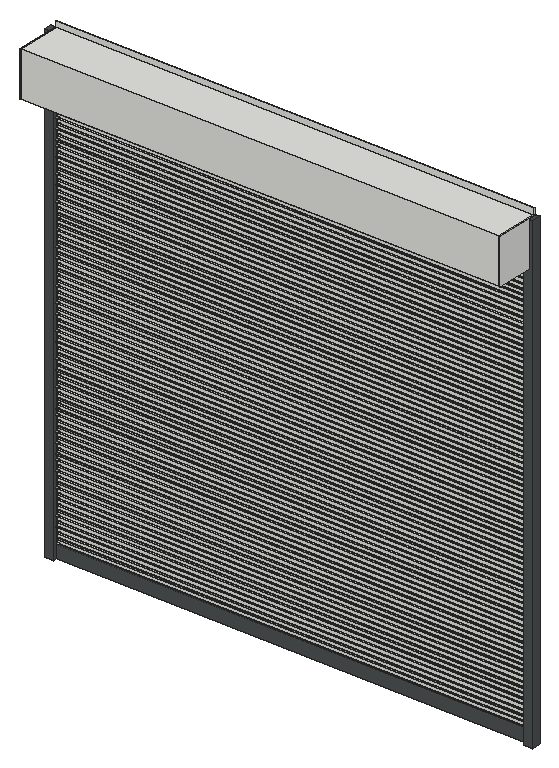
Revit family "Doors_Industrial_Overhead-Door-Corporation_Counter-Doors-651_", category Specialty Equipment, host Wall, Revit 2019
Family settings
  Host = Wall
  Round Connector Dimension = Use Diameter
  Part Type = Normal
  OmniClass Number = 23.30.10.21.34
  OmniClass Title = Industrial Doors
  Always vertical = Yes
  Cut with Voids When Loaded = Yes
  Shared = No
  Room Calculation Point = No
Parameters (values of type "‏​Manual push-up")
  Warning Sign [instance] = if(Calculated Area > 683.00 SF, 1 = 1, 1 = 2)  # no
  Warning (Note) [instance] = if(Warning Sign, "The Door Area is out of the limit; please adjust accordingly. The maximum allowed area is 683 sq. ft.", if(Opening Height > 360", "Headroom Clearance Dimensions - out of the limits. Consult Factory", " "))  # " "
  Wall Thickness [instance] = 6"
  Voltage = 0 V
  True Opening Width [instance] = if(Between Jambs Mounting, Door Width True, Clear Width)  # 120"
  True Opening Height [instance] = if(Between Jambs Mounting, Clear Height + Headroom Height, Clear Height)  # 108"
  Steel \ Stainless Steel Guide [instance] = not(Aluminum Guide)  # no
  Slat Type [instance] = "F-158"  # constant formula
  Slat Length [instance] = Clear Width + Setback  # 120 7/8"
  Slat Height [instance] = 10 41/128"  # constant formula
  Slat Center Offset [instance] = if(and(Electric Operator, Motor Option Real = 2), 1 1/16", if(Aluminum Guide, 1 1/16", 1 5/8"))  # 1 1/16"
  Slat [instance] = 1  # constant formula
  Setback [instance] = if(Between Jambs Mounting, if(and(Electric Operator, Motor Option Real = 2), 7/8" - 1/4", if(Aluminum Guide, 7/8" - 1/4", 1" - 3/8")), if(and(Electric Operator, Motor Option Real = 2), 7/8", if(Aluminum Guide, 7/8", 1")))  # 7/8"
  Product Page URL = "https://www.overheaddoor.com/counter-doors-651"
  Power Factor = 1
  Powder Coat (Note) = "PowderGuard® Premium powder coat finish options are available in approximately 200 colors as well as custom matching to specification. PowderGuard® Textured finish, a thicker, more scratch resistant coat, is available in 11 colors providing enhanced scratch resistance as well as aiding in hiding the dirt and blemishes that often occur in commercial environments.​"  # constant formula
  Operator Visibility = no
  Operation (Note) [instance] = "Standard door operation is manual push-up. Door could also operate by crank, electrical operator or chain hoist. Manual push up and crank could be used up to 80 sf."  # constant formula
  Opening Width Real [instance] = if(Opening Width > Max Opening Width, Max Opening Width, if(Opening Width < Min Opening Width, Min Opening Width, Opening Width))  # 120"
  Opening Width [instance] = 120"
  Opening Height Real [instance] = if(Opening Height > Max Opening Height, Max Opening Height, if(Opening Height < Min Opening Height, Min Opening Height, Opening Height))  # 108"
  Opening Height [instance] = 108"
  One Array element [instance] = not(Array Vis)  # no
  Number of Poles = 1
  Motor Type [instance] = if(Motor Option < 2, "CDX Electric Operator", if(Motor Option = 2, "RTM Electric Operator", "RSX Electric Operator"))  # "CDX Electric Operator"
  Motor Selection (Note) [instance] = "Generic operator shown. Contact Overhead Door when dimensions are critical. "  # constant formula
  Motor Position [instance] = if(Between Jambs Mounting, if(and(Electric Operator, Motor Option Real > 2), 2 177/256", Headplate Offset), if(and(Electric Operator, Motor Option Real > 2), 2 177/256", Headplate Offset))  # 1 5/8"
  Motor Option Real [instance] = if(Electric Operator, if(Motor Option < 1, 1, if(Motor Option > 3, 3, Motor Option)), 1)  # 1
  Motor Option [instance] = 1
  Min Opening Width [instance] = 40"  # constant formula
  Min Opening Height [instance] = 40"  # constant formula
  Max Opening Width [instance] = 240"  # constant formula
  Max Opening Height [instance] = 108"  # constant formula
  Material Finish [instance] = 651 : Standard - Stainless #4
  Lookup Table = "Hood Dimensions"  # constant formula
  Lookup BD [instance] = if(or(Opening Height Real < 60", Opening Height Real = 60"), 9 1/2", 11 1/2")  # 11 1/2"
  Jambs Offset 2 [instance] = if(Between Jambs Mounting, Guide Width 2, 0")  # 0"
  Jamb Offset 1 [instance] = if(Between Jambs Mounting, Guide Width 1, 0")  # 0"
  Installation Real [instance] = if(Between Jambs Mounting, Installation Limits, Wall Thickness)  # 6"
  Installation Offset [instance] = 0"
  Installation Limits [instance] = if(Installation Offset < 0", 0", if(Installation Offset > Wall Thickness - Guide Depth, Wall Thickness - Guide Depth, Installation Offset))  # 0"
  Hood Type [instance] = "Square Hood"  # constant formula
  Hood Option [instance] = 2  # constant formula
  Hood Offset [instance] = 2"  # constant formula
  Hood Material [instance] = Stainless Steel - Overhead Door - #4 Finish
  Hood Height [instance] = Headroom Height Real - Hood Offset  # 11 1/2"
  Lookup HH [instance] = if(or(Opening Height Real < 60", Opening Height Real = 60"), 9 1/2", 11 1/2")  # 11 1/2"
  Headroom Height Real [instance] = Lookup HH + Hood Offset  # 13 1/2"
  Headroom Height [instance] = if(Between Jambs Mounting, Headroom Height Real, Headroom Height Real + 1 1/2")  # 15"
  Headplate Offset [instance] = if(Guide Option = 1, 1 5/8", if(Guide Option = 2, 2 3/4", if(Guide Option = 3, 1 15/16", if(Guide Option = 4, 1 5/16", if(Guide Option = 5, 1 5/16", if(Guide Option = 6, 2 3/8", if(Guide Option = 7, 1 15/16", 2 7/16")))))))  # 1 5/8"
  Guide Type [instance] = if(Guide Option < 2, "Face of Wall Extruded Aluminum", if(Guide Option = 2, "Face of Wall Extruded Aluminum - RTM Electric Operator", if(Guide Option = 3, "Face of Wall Rolled Steel", if(Guide Option = 4, "Between Jambs Extruded Aluminum - Push Up", if(Guide Option = 5, "Between Jambs Extruded Aluminum - Crank & Electric Operator", if(Guide Option = 6, "Between Jambs Extruded Aluminum - RTM Electric Operator", if(Guide Option = 7, "Between Jambs Rolled Steel - Push-up", "Between Jambs Rolled Steel - Crank & Electric Operator")))))))  # "Face of Wall Extruded Aluminum"
  Guide Option [instance] = if(Face Of Wall Mounting, if(Aluminum Guide, if(and(Electric Operator, Motor Option = 2), 2, 1), if(and(Electric Operator, Motor Option = 2), 2, 3)), if(Aluminum Guide, if(Manual, 4, if(and(Electric Operator, Motor Option = 2), 6, 5)), if(Manual, 7, if(and(Electric Operator, Motor Option = 2), 6, 8))))  # 1
  Guide Width 2 [instance] = if(Guide Option < 2, 2 3/4", if(Guide Option = 2, 2 3/4", if(Guide Option = 3, 2 7/8", if(Guide Option = 4, 2 3/8", if(Guide Option = 5, 2 3/8", if(Guide Option = 6, 2 3/8", if(Guide Option = 7, 1 15/16", 1 15/16")))))))  # 2 3/4"
  Guide Width 1 [instance] = if(Guide Option < 2, 2 3/4", if(Guide Option = 2, 3 5/8", if(Guide Option = 3, 2 7/8", if(Guide Option = 4, 2 3/8", if(Guide Option = 5, 4 3/4", if(Guide Option = 6, 3 3/8", if(Guide Option = 7, 1 15/16", 5 5/8")))))))  # 2 3/4"
  Guide Depth [instance] = if(and(Electric Operator, Motor Option Real = 2), 2 1/8", if(Aluminum Guide, 2 1/8", 2"))  # 2 1/8"
  Frequency = 0 Hz
  Floor To CL shaft [instance] = Clear Height + Hood Height / 2 + Hood Offset  # 115 3/4"
  Face of Wall Offset [instance] = if(Between Jambs Mounting, 0", 5")  # 5"
  Face Of Wall Mounting [instance] = not(Between Jambs Mounting)  # yes
  Electric Operator = no
  Door Width True [instance] = if(Between Jambs Mounting, Clear Width + Guide Width 1 + Guide Width 2, Clear Width)  # 120"
  Door Width (Real) [instance] = if(Between Jambs Mounting, Clear Width, if(and(Electric Operator, Motor Option Real = 2), Clear Width + 3/8" * 2, if(Aluminum Guide, Clear Width + 3/8" * 2, Clear Width + 1" / 2)))  # 120 3/4"
  Door Height True [instance] = Clear Width + Headroom Height  # 135"
  Door Height (Real) [instance] = Clear Height + Hood Offset  # 110"
  URL = "https://www.overheaddoor.com/"
  Product data url = "https://www.bimobject.com/overhead-door/product/counter-doors-651"
  Product Guid = "fdcc4cb0-6b7c-4503-b5ba-f17c1e96cb91"
  Model = "651"  # constant formula
  Manufacturer = "Overhead Door Corporation"  # constant formula
  Wall Closure = By host
  Floor To (CL) of Shaft [instance] = Clear Height + Hood Height / 2 + Hood Offset + Default Elevation Height + Countertop Thickness Real  # 151 3/4"
  Finish Material = Finish - Overhead Door - Black
  Description = "Model 651 Rolling Counter Door"  # constant formula
  Default Elevation Height [instance] = 36"
  Crank = no
  Countertop Thickness Real [instance] = if(Countertop Thickness < 0", 0", if(Countertop Thickness > 12", 12", Countertop Thickness))  # 0"
  Countertop Thickness [instance] = 0"
  Clear Width [instance] = if(Between Jambs Mounting, Opening Width Real - Guide Width 2 - Guide Width 1, Opening Width Real)  # 120"
  Clear Height [instance] = if(Between Jambs Mounting, Opening Height Real - Headroom Height, Opening Height Real)  # 108"
  Manual = yes
  Current = 0 A
  Connector Array Distance = 0"  # constant formula
  Connector Array = if(Manual, 2, 3)  # 2
  Between Jambs Mounting [instance] = no
  Bar [instance] = 1 = 1  # yes
  Backroom Depth [instance] = Lookup BD  # 11 1/2"
  BJ Opening Cut [instance] = if(Between Jambs Mounting, Headroom Height, 0")  # 0"
  Array Vis [instance] = if(Array < 2, 1 = 2, 1 = 1)  # yes
  Array Real [instance] = if(Array < 2, 2, Array)  # 11
  Array Length [instance] = (Array) * Slat Height  # 113 67/128"
  Array [instance] = rounddown(([Door Height (Real)] - 3 1/2") / Slat Height) + 1  # 11
  Calculated Area [instance] = [Door Width (Real)] * [Door Height (Real)]  # 92.2396 SF
  Apparent Load Phase 3 = if(Number of Poles = 1, 0 VA, (Voltage * Current * sqrt(3)) / 3)  # 0 VA
  Apparent Load Phase 2 = if(Number of Poles = 1, 0 VA, (Voltage * Current * sqrt(3)) / 3)  # 0 VA
  Apparent Load Phase 1 = if(Number of Poles = 1, Voltage * Current, (Voltage * Current * sqrt(3)) / 3)  # 0 VA
  Aluminum Guide [instance] = yes
Reference planes (in)
  plane 1 "Center (Front/Back)": y = -14.625
  plane 2 "Center (Left/Right)": x = 0
  plane 3 "Left": x = -60
  plane 4 "Right": x = 60
  plane 5 "Exterior": y = -8.625
  plane 6 "Interior": y = -14.625
  plane 7: z = 144
  plane 8 "Backroom Depth": y = -26.125
  plane 9 "Bottom Bar": z = 39.5
  plane 10: z = 153.02344
  plane 11: z = 157.5
  plane 12: z = 146
  plane 13: z = 159
  plane 14: z = 0
  plane 15: z = 90
  plane 16: y = -15.9375
  plane 17: y = 18.375
  plane 18: y = -41.625
  plane 19 "Headroom Top": z = 159
  plane 20: z = 151.75
  plane 21: z = 142.70312
  plane 22: z = 36
  plane 23: x = 62.75
  plane 24: x = -62.75
  plane 25: y = -15.6875
  plane 26: x = 61.625
  plane 27: z = 36
  plane 28: z = 39.5
  plane 29: y = -15.9375
  plane 30: z = 142.70313
  plane 31: y = -15.9375
  plane 32: z = 49.82031
  plane 33: y = -15.9375
  plane 34: z = 60.14063
  plane 35: y = -15.9375
  plane 36: z = 70.46094
  plane 37: y = -15.9375
  plane 38: z = 80.78125
  plane 39: y = -15.9375
  plane 40: z = 91.10156
  plane 41: y = -15.9375
  plane 42: z = 101.42188
  plane 43: y = -15.9375
  plane 44: z = 111.74219
  plane 45: y = -15.9375
  plane 46: z = 122.0625
  plane 47: y = -15.9375
  plane 48: z = 132.38281
  plane 49: y = -15.9375
Forms (in)
  Extrusion 1, void
    sketch origin (0, -20.625, 0) x (0, 0, -1) y (-1, 0, 0)
      loop
        line (-144, 60) -> (-144, -60) -> (-36, -60) -> (-36, 60) -> (-144, 60)
    from 6 to 12
Text (in)
  text "Exterior" at (-74.96733, 27.31104, 0), in view "Ref. Level"
  text "Interior" at (-74.96733, -25.14366, 0), in view "Ref. Level"
  text "Exterior" at (0, 40.15149, 123.01588), in view "Right"
  text "Interior" at (0, -64.39139, 123.01588), in view "Right"
  text "Interior" at (0, -31.01599, 123.00693), in view "Left"
  text "Exterior" at (0, 54.57065, 123.00693), in view "Left"
Dimensions and locks (in)
  equal spacing: plane 3 "Left", plane 2 "Center (Left/Right)", plane 4 "Right"
  "Clear Width": plane 3 "Left" to plane 4 "Right"
  level to host wall = 459.59655"
  "Array Length": plane 10 to plane 9 "Bottom Bar"
  "Backroom Depth": plane 8 "Backroom Depth" to plane 1 "Center (Front/Back)"
  "Hood Height": plane 11 to plane 12
  locked: plane 13 to plane 11 at 1.5
  "Installation Real": plane 1 "Center (Front/Back)" to plane 5 "Exterior"
  "Wall Thickness": host wall to host wall
  equal spacing: plane 17, host wall, plane 18
  locked: plane 17 to plane 18 at 60
  "BJ Opening Cut": Extrusion 1 sketch curve to plane 7
  "Hood Offset": plane 12 to plane 7
  "Headroom Height": plane 19 "Headroom Top" to plane 7
  "Floor To (CL) of Shaft": plane 20 to level
  "Jamb Offset 1": plane 4 "Right" to Extrusion 1 sketch curve
  "Jambs Offset 2": Extrusion 1 sketch curve to plane 3 "Left"
  "Slat Height": plane 10 to plane 21
  equal spacing: group 1, group 3, group 4, group 5, group 6, group 7, group 8, group 9, group 10, group 11, group 2  (x3)
  equal spacing: plane 7, plane 15, plane 22
  "Clear Height": plane 7 to plane 22
  locked: plane 9 "Bottom Bar" to plane 22 at 3.5
  "Guide Width 1": plane 4 "Right" to plane 23
  "Guide Width 2": plane 24 to plane 3 "Left"
  plane 24 to plane 23 = 125 1/2"
  "Slat Center Offset": plane 25 to plane 1 "Center (Front/Back)"
  locked: plane 16 to plane 25 at 0.25
  "Motor Position": plane 4 "Right" to plane 26
  "Default Elevation Height": plane 27 to plane 14
  "Countertop Thickness Real": plane 22 to plane 27
  aligned and locked: plane 5 "Exterior" to host wall
  aligned and locked: host wall to plane 6 "Interior"
  aligned and locked: Extrusion 1 to plane 5 "Exterior"
  aligned and locked: Extrusion 1 to plane 6 "Interior"
  aligned and locked: level to plane 14
  aligned and locked: plane 2 "Center (Left/Right)" to nested 1
  aligned and locked: nested 1 to plane 17
  aligned and locked: plane 18 to nested 2
  aligned and locked: nested 2 to plane 2 "Center (Left/Right)"
  aligned and locked: nested 3 to plane 15
  aligned and locked: plane 2 "Center (Left/Right)" to nested 3
  aligned and locked: plane 9 "Bottom Bar" to nested 5
  aligned and locked: nested 5 to plane 16
  aligned and locked: nested 3 to plane 16
  aligned and locked: plane 2 "Center (Left/Right)" to nested 15
  aligned and locked: plane 1 "Center (Front/Back)" to nested 15
  aligned and locked: plane 26 to nested 16
  aligned and locked: plane 11 to nested 16
  aligned and locked: nested 16 to plane 5 "Exterior"
  aligned and locked: Extrusion 1 sketch curve to plane 27
  aligned and locked: plane 29 to plane 16
  aligned and locked: plane 9 "Bottom Bar" to plane 28
  aligned and locked: plane 21 to plane 30
  aligned and locked: plane 31 to plane 16
Nested families (in)
  nested 1: "Label Annotation 1" at (0, 18.375, 0), visible <- "Warning Sign", type "Label Annotation 1"
  nested 2: "Label Annotation 1" at (0, -41.625, 0) x (-1, 0, 0) z (0, 0, 1), visible <- "Warning Sign", type "Label Annotation 1"
  nested 3: "Warning Sign" at (0, -15.9375, 90), visible <- "Warning Sign", type "Warning Sign"
    with Warning Sign no
  nested 4: "651" at (0, -15.937, 39.5), Opening Width <- "Slat Length", type <- "Material Finish", visible <- "Array Vis", type "Standard - Stainless #4"
    with Void Offset 1", Void Height 1", Slat Width 1/2", Slat Position + Offset 9.57", Slat Position 9.03", Slat Option 1, Opening Width 120 7/8", Integrated Cutout no, F-158 yes, F 265, FE 265 no, Cutout Width Offset 1", Cutout Vertical Offset 0.54", Cutout Horizontal Offset 1", C 275 no, Standard yes
  nested 5: "651" at (0, -15.9375, 39.5), visible <- "One Array element", Opening Width <- "Slat Length", type <- "Material Finish", type "Standard - Stainless #4"
    with Void Offset 1", Void Height 1", Slat Width 1/2", Slat Position + Offset 9.57", Slat Position 9.03", Slat Option 1, Opening Width 120 7/8", Integrated Cutout no, F-158 yes, F 265, FE 265 no, Cutout Width Offset 1", Cutout Vertical Offset 0.54", Cutout Horizontal Offset 1", C 275 no, Standard yes
  nested 6: "651" at (0, -15.937, 142.70313), Opening Width <- "Slat Length", type <- "Material Finish", visible <- "Array Vis", type "Standard - Stainless #4"
    with Void Offset 1", Void Height 1", Slat Width 1/2", Slat Position + Offset 9.57", Slat Position 9.03", Slat Option 1, Opening Width 120 7/8", Integrated Cutout no, F-158 yes, F 265, FE 265 no, Cutout Width Offset 1", Cutout Vertical Offset 0.54", Cutout Horizontal Offset 1", C 275 no, Standard yes
  nested 7: "651" at (0, -15.937, 49.82031), Opening Width <- "Slat Length", type <- "Material Finish", visible <- "Array Vis", type "Standard - Stainless #4"
    with Void Offset 1", Void Height 1", Slat Width 1/2", Slat Position + Offset 9.57", Slat Position 9.03", Slat Option 1, Opening Width 120 7/8", Integrated Cutout no, F-158 yes, F 265, FE 265 no, Cutout Width Offset 1", Cutout Vertical Offset 0.54", Cutout Horizontal Offset 1", C 275 no, Standard yes
  nested 8: "651" at (0, -15.937, 60.14062), Opening Width <- "Slat Length", type <- "Material Finish", visible <- "Array Vis", type "Standard - Stainless #4"
    with Void Offset 1", Void Height 1", Slat Width 1/2", Slat Position + Offset 9.57", Slat Position 9.03", Slat Option 1, Opening Width 120 7/8", Integrated Cutout no, F-158 yes, F 265, FE 265 no, Cutout Width Offset 1", Cutout Vertical Offset 0.54", Cutout Horizontal Offset 1", C 275 no, Standard yes
  nested 9: "651" at (0, -15.937, 70.46094), Opening Width <- "Slat Length", type <- "Material Finish", visible <- "Array Vis", type "Standard - Stainless #4"
    with Void Offset 1", Void Height 1", Slat Width 1/2", Slat Position + Offset 9.57", Slat Position 9.03", Slat Option 1, Opening Width 120 7/8", Integrated Cutout no, F-158 yes, F 265, FE 265 no, Cutout Width Offset 1", Cutout Vertical Offset 0.54", Cutout Horizontal Offset 1", C 275 no, Standard yes
  nested 10: "651" at (0, -15.937, 80.78125), Opening Width <- "Slat Length", type <- "Material Finish", visible <- "Array Vis", type "Standard - Stainless #4"
    with Void Offset 1", Void Height 1", Slat Width 1/2", Slat Position + Offset 9.57", Slat Position 9.03", Slat Option 1, Opening Width 120 7/8", Integrated Cutout no, F-158 yes, F 265, FE 265 no, Cutout Width Offset 1", Cutout Vertical Offset 0.54", Cutout Horizontal Offset 1", C 275 no, Standard yes
  nested 11: "651" at (0, -15.937, 91.10156), Opening Width <- "Slat Length", type <- "Material Finish", visible <- "Array Vis", type "Standard - Stainless #4"
    with Void Offset 1", Void Height 1", Slat Width 1/2", Slat Position + Offset 9.57", Slat Position 9.03", Slat Option 1, Opening Width 120 7/8", Integrated Cutout no, F-158 yes, F 265, FE 265 no, Cutout Width Offset 1", Cutout Vertical Offset 0.54", Cutout Horizontal Offset 1", C 275 no, Standard yes
  nested 12: "651" at (0, -15.937, 101.42187), Opening Width <- "Slat Length", type <- "Material Finish", visible <- "Array Vis", type "Standard - Stainless #4"
    with Void Offset 1", Void Height 1", Slat Width 1/2", Slat Position + Offset 9.57", Slat Position 9.03", Slat Option 1, Opening Width 120 7/8", Integrated Cutout no, F-158 yes, F 265, FE 265 no, Cutout Width Offset 1", Cutout Vertical Offset 0.54", Cutout Horizontal Offset 1", C 275 no, Standard yes
  nested 13: "651" at (0, -15.937, 111.74219), Opening Width <- "Slat Length", type <- "Material Finish", visible <- "Array Vis", type "Standard - Stainless #4"
    with Void Offset 1", Void Height 1", Slat Width 1/2", Slat Position + Offset 9.57", Slat Position 9.03", Slat Option 1, Opening Width 120 7/8", Integrated Cutout no, F-158 yes, F 265, FE 265 no, Cutout Width Offset 1", Cutout Vertical Offset 0.54", Cutout Horizontal Offset 1", C 275 no, Standard yes
  nested 14: "651" at (0, -15.937, 122.0625), Opening Width <- "Slat Length", type <- "Material Finish", visible <- "Array Vis", type "Standard - Stainless #4"
    with Void Offset 1", Void Height 1", Slat Width 1/2", Slat Position + Offset 9.57", Slat Position 9.03", Slat Option 1, Opening Width 120 7/8", Integrated Cutout no, F-158 yes, F 265, FE 265 no, Cutout Width Offset 1", Cutout Vertical Offset 0.54", Cutout Horizontal Offset 1", C 275 no, Standard yes
  nested 15: "Lifts" at (0, -14.625, 36) x (-1, 0, 0) z (0, 0, 1), type "Frame Unit"
    with Floor To (CL) of Shaft 115 3/4"
  nested 16: "Motor" at (58.6355, -26.125, 146), visible <- "Operator Visibility", type "Trolley Motor"
  nested 17: "651" at (0, -15.937, 132.38281), Opening Width <- "Slat Length", type <- "Material Finish", visible <- "Array Vis", type "Standard - Stainless #4"
    with Void Offset 1", Void Height 1", Slat Width 1/2", Slat Position + Offset 9.57", Slat Position 9.03", Slat Option 1, Opening Width 120 7/8", Integrated Cutout no, F-158 yes, F 265, FE 265 no, Cutout Width Offset 1", Cutout Vertical Offset 0.54", Cutout Horizontal Offset 1", C 275 no, Standard yes
Connectors (in)
  electrical at (61.625, -20.375, 151.75), driven by "Apparent Load Phase 1", driven by "Power Factor", driven by "Apparent Load Phase 3", driven by "Apparent Load Phase 2", driven by "Voltage", driven by "Number of Poles"
    settings: on nested 16, index 1, voltage 0 V, apparent load 0 VA, apparent load phase1 0 VA, apparent load phase2 0 VA, apparent load phase3 0 VA, power factor 1, load classification "Other", number of poles 1, system type 31, power factor state 1, is connector primary yes, connector utility no, sub classification motor no, connector description "Electrical Connector"
Definition of nested family "651"
  Parameters (values of type "Perforated - Gray")
    Void Offset [instance] = if(Integrated Cutout, 0", 1")  # 1"
    Void Height [instance] = 1"  # constant formula
    Standard = no
    Slat Width [instance] = 1/2"  # constant formula
    Slat Position + Offset [instance] = Slat Position + Cutout Vertical Offset  # 9.57"
    Slat Position [instance] = 1.29" * 7  # 9.03"
    Slat Option [instance] = 1
    Rough Height = 0"
    Perforation = no
    Fenestration Small = no
    Fenestration Large = 1 = 2  # no
    Cutout Width Offset [instance] = 1"  # constant formula
    Cutout Material 2 = none
    Cutout Horizontal Offset [instance] = 1"  # constant formula
    Cutout Material = none
    Panel Material = none
    Opening Width [instance] = 123 5/8"
    Cutout Vertical Offset [instance] = 0.54"  # constant formula
    F 265, FE 265 [instance] = 1 = 2  # no
    Default Elevation = 48"
    Integrated Cutout [instance] = if(or(Perforation, Fenestration Small), 1 = 1, 1 = 2)  # no
    C 275 [instance] = 1 = 2  # no
    F-158 [instance] = 1 = 1  # yes
    Analytic Construction = "<None>"
  Types (7): name | Void Offset | Standard | Fenestration Small | Integrated Cutout
    Standard - Tan | 1" | yes | no | no
    Standard - Gray | 1" | yes | no | no
    Perforated - Gray | 1" | no | no | no
    Fenestration 0.625”x3” - Gray | 0" | no | yes | yes
    Fenestration 0.625”x3” - Tan | 0" | no | yes | yes
    Vision lites 0.625”x3” - Tan | 0" | no | yes | yes
    Vision lites 0.625”x3” - Gray | 0" | no | yes | yes
  Reference planes (in)
    plane 1 "Center (Front/Back)": y = 0
    plane 2: z = 0
    plane 3 "Center (Left/Right)": x = 0
    plane 4: x = -61.8125
    plane 5: x = 61.8125
    plane 6: y = 0.5
    plane 7: y = 0
    plane 8: y = 0.25
    plane 9: y = 0.47
    plane 10: x = -60.8125
    plane 11: x = 60.8125
  Forms (in)
    Extrusion 1, solid, material <- "Panel Material", visible <- "F-158"
      sketch origin (0, -4.98186, 13.12534) x (0, 1, 0) y (0, 0, 1)
        loop
          arc (5.40186, -13.23015) -> (5.45843, -13.20672) -> (5.48186, -13.15015) r 0.08
          line (5.48186, -13.15015) -> (5.48186, -12.01975)
          arc (5.48186, -12.01975) -> (5.45843, -11.96318) -> (5.40186, -11.94015) r 0.08
          arc (5.40186, -11.94015) -> (5.45843, -11.91672) -> (5.48186, -11.86015) r 0.08
          line (5.48186, -11.86015) -> (5.48186, -10.72975)
          arc (5.48186, -10.72975) -> (5.45843, -10.67318) -> (5.40186, -10.65015) r 0.08
          arc (5.40186, -10.65015) -> (5.45843, -10.62672) -> (5.48186, -10.57015) r 0.08
          line (5.48186, -10.57015) -> (5.48186, -9.43975)
          arc (5.48186, -9.43975) -> (5.45843, -9.38318) -> (5.40186, -9.36015) r 0.08
          arc (5.40186, -9.36015) -> (5.45843, -9.33672) -> (5.48186, -9.28015) r 0.08
          line (5.48186, -9.28015) -> (5.48186, -8.14975)
          arc (5.48186, -8.14975) -> (5.45843, -8.09318) -> (5.40186, -8.07015) r 0.08
          arc (5.40186, -8.07015) -> (5.45843, -8.04672) -> (5.48186, -7.99015) r 0.08
          line (5.48186, -7.99015) -> (5.48186, -6.85975)
          arc (5.48186, -6.85975) -> (5.45843, -6.80318) -> (5.40186, -6.78015) r 0.08
          arc (5.40186, -6.78015) -> (5.45843, -6.75672) -> (5.48186, -6.70015) r 0.08
          line (5.48186, -6.70015) -> (5.48186, -5.56975)
          arc (5.48186, -5.56975) -> (5.45843, -5.51318) -> (5.40186, -5.49015) r 0.08
          arc (5.40186, -5.49015) -> (5.45843, -5.46672) -> (5.48186, -5.41015) r 0.08
          line (5.48186, -5.41015) -> (5.48186, -4.27975)
          arc (5.48186, -4.27975) -> (5.45843, -4.22318) -> (5.40186, -4.20015) r 0.08
          arc (5.40186, -4.20015) -> (5.45843, -4.17672) -> (5.48186, -4.12015) r 0.08
          line (5.48186, -4.12015) -> (5.48186, -2.98975)
          arc (5.48186, -2.98975) -> (5.45843, -2.93318) -> (5.40186, -2.90975) r 0.08
          line (5.40186, -2.90975) -> (5.22937, -2.90975)
          arc (5.22937, -2.90975) -> (5.05999, -2.70129) -> (5.06854, -2.96975) r 0.14173
          line (5.06854, -2.96975) -> (5.38631, -2.96975)
          arc (5.38631, -2.96975) -> (5.41145, -2.98016) -> (5.42186, -3.0053) r 0.03555
          line (5.42186, -3.0053) -> (5.42186, -4.11914)
          arc (5.42186, -4.11914) -> (5.41437, -4.13549) -> (5.39767, -4.14216) r 0.02421
          line (5.39767, -4.14216) -> (5.18922, -4.14216)
          arc (5.18922, -4.14216) -> (4.99446, -4.11507) -> (5.12739, -4.25997) r 0.10448
          line (5.12739, -4.25997) -> (5.40191, -4.25997)
          arc (5.40191, -4.25997) -> (5.41598, -4.26579) -> (5.4218, -4.27986) r 0.01989
          line (5.4218, -4.27986) -> (5.4218, -5.41015)
          arc (5.4218, -5.41015) -> (5.41596, -5.42428) -> (5.40183, -5.43013) r 0.01997
          line (5.40183, -5.43013) -> (5.18937, -5.43013)
          arc (5.18937, -5.43013) -> (4.99364, -5.40454) -> (5.12735, -5.54975) r 0.105
          line (5.12735, -5.54975) -> (5.40186, -5.54975)
          arc (5.40186, -5.54975) -> (5.416, -5.55561) -> (5.42186, -5.56975) r 0.02
          line (5.42186, -5.56975) -> (5.42186, -6.70015)
          arc (5.42186, -6.70015) -> (5.416, -6.71429) -> (5.40186, -6.72015) r 0.02
          line (5.40186, -6.72015) -> (5.18937, -6.72015)
          arc (5.18937, -6.72015) -> (4.99365, -6.69454) -> (5.12735, -6.83975) r 0.105
          line (5.12735, -6.83975) -> (5.40186, -6.83975)
          arc (5.40186, -6.83975) -> (5.416, -6.84561) -> (5.42186, -6.85975) r 0.02
          line (5.42186, -6.85975) -> (5.42186, -7.99015)
          arc (5.42186, -7.99015) -> (5.416, -8.00429) -> (5.40186, -8.01015) r 0.02
          line (5.40186, -8.01015) -> (5.18937, -8.01015)
          arc (5.18937, -8.01015) -> (4.99364, -7.98454) -> (5.12735, -8.12975) r 0.105
          line (5.12735, -8.12975) -> (5.40186, -8.12975)
          arc (5.40186, -8.12975) -> (5.416, -8.13561) -> (5.42186, -8.14975) r 0.02
          line (5.42186, -8.14975) -> (5.42186, -9.28015)
          arc (5.42186, -9.28015) -> (5.416, -9.29429) -> (5.40186, -9.30015) r 0.02
          line (5.40186, -9.30015) -> (5.18937, -9.30015)
          arc (5.18937, -9.30015) -> (4.99364, -9.27454) -> (5.12735, -9.41975) r 0.105
          line (5.12735, -9.41975) -> (5.40186, -9.41975)
          arc (5.40186, -9.41975) -> (5.416, -9.42561) -> (5.42186, -9.43975) r 0.02
          line (5.42186, -9.43975) -> (5.42186, -10.57015)
          arc (5.42186, -10.57015) -> (5.416, -10.58429) -> (5.40186, -10.59015) r 0.02
          line (5.40186, -10.59015) -> (5.18937, -10.59015)
          arc (5.18937, -10.59015) -> (4.99364, -10.56454) -> (5.12735, -10.70975) r 0.105
          line (5.12735, -10.70975) -> (5.40186, -10.70975)
          arc (5.40186, -10.70975) -> (5.416, -10.71561) -> (5.42186, -10.72975) r 0.02
          line (5.42186, -10.72975) -> (5.42186, -11.86015)
          arc (5.42186, -11.86015) -> (5.416, -11.87429) -> (5.40186, -11.88015) r 0.02
          line (5.40186, -11.88015) -> (5.18937, -11.88015)
          arc (5.18937, -11.88015) -> (4.99364, -11.85454) -> (5.12735, -11.99975) r 0.105
          line (5.12735, -11.99975) -> (5.40186, -11.99975)
          arc (5.40186, -11.99975) -> (5.416, -12.00561) -> (5.42186, -12.01975) r 0.02
          line (5.42186, -12.01975) -> (5.42186, -13.15015)
          arc (5.42186, -13.15015) -> (5.416, -13.16429) -> (5.40186, -13.17015) r 0.02
          line (5.40186, -13.17015) -> (5.18153, -13.17015)
          arc (5.18153, -13.17015) -> (5.03054, -13.03641) -> (5.08666, -13.23015) r 0.105
          line (5.08666, -13.23015) -> (5.40186, -13.23015)
      from -61.8125 to 61.8125
    Extrusion 2, void
      sketch origin (0, 0, 0) x (0, 1, 0) y (0, 0, 1)
        loop
          line (1.44, 1.04) -> (1.44, 0.04) -> (1.5, 0.04) -> (1.5, 1.04) -> (1.44, 1.04)
        loop
          line (1.44, 2.33) -> (1.44, 1.33) -> (1.5, 1.33) -> (1.5, 2.33) -> (1.44, 2.33)
        loop
          line (1.44, 3.62) -> (1.44, 2.62) -> (1.5, 2.62) -> (1.5, 3.62) -> (1.44, 3.62)
        loop
          line (1.44, 4.91) -> (1.44, 3.91) -> (1.5, 3.91) -> (1.5, 4.91) -> (1.44, 4.91)
        loop
          line (1.44, 6.2) -> (1.44, 5.2) -> (1.5, 5.2) -> (1.5, 6.2) -> (1.44, 6.2)
        loop
          line (1.44, 7.49) -> (1.44, 6.49) -> (1.5, 6.49) -> (1.5, 7.49) -> (1.44, 7.49)
        loop
          line (1.44, 8.78) -> (1.44, 7.78) -> (1.5, 7.78) -> (1.5, 8.78) -> (1.44, 8.78)
        loop
          line (1.44, 10.07) -> (1.44, 9.07) -> (1.5, 9.07) -> (1.5, 10.07) -> (1.44, 10.07)
      from -60.8125 to 60.8125
  Cuts and joins
    Extrusion 2 cuts Extrusion 1
  Lines and regions (in)
    reference lines
      curve 1: line (0, -4.98186, 12.78) -> (0, 9.9577, 12.78)
      curve 2: line (0, -2.86663, 9.57) -> (0, 7.60337, 9.57)
      curve 3: line (0, -2.86663, 5.7) -> (0, 7.60337, 5.7)
      curve 4: line (0, -2.86663, 4.41) -> (0, 7.60337, 4.41)
      curve 5: line (0, -2.86663, 3.12) -> (0, 7.60337, 3.12)
      curve 6: line (0, -2.86663, 0.54) -> (0, 7.60337, 0.54)
      curve 7: line (0, -2.86663, 1.83) -> (0, 7.60337, 1.83)
      curve 8: line (0, -2.86663, 6.99) -> (0, 7.60337, 6.99)
      curve 9: line (0, -2.86663, 8.28) -> (0, 7.60337, 8.28)
  Dimensions and locks (in)
    equal spacing: plane 4, plane 3 "Center (Left/Right)", plane 5
    "Opening Width": plane 4 to plane 5
    "Slat Width": plane 1 "Center (Front/Back)" to plane 6
    equal spacing: plane 1 "Center (Front/Back)", plane 8, plane 6
    locked: plane 9 to plane 6 at 0.03
    "Cutout Width Offset": plane 4 to plane 10
    "Cutout Width Offset": plane 5 to plane 11
    "Void Height": Extrusion 2 sketch curve to Extrusion 2 sketch curve  (x8)
    locked: Extrusion 2 sketch curve to Extrusion 2 sketch curve at 0.06  (x8)
    "Void Offset": plane 6 to Extrusion 2 sketch curve
    locked: curve 1 to level at 12.78
    "Slat Position": curve 6 to curve 2
    equal spacing: Extrusion 2 sketch curve, curve 3, Extrusion 2 sketch curve
    equal spacing: Extrusion 2 sketch curve, curve 4, Extrusion 2 sketch curve
    equal spacing: Extrusion 2 sketch curve, curve 6, Extrusion 2 sketch curve
    equal spacing: Extrusion 2 sketch curve, curve 5, Extrusion 2 sketch curve
    equal spacing: Extrusion 2 sketch curve, curve 7, Extrusion 2 sketch curve
    "Cutout Vertical Offset": curve 6 to plane 2
    equal spacing: curve 6, curve 7, curve 5, curve 4, curve 3, curve 8, curve 9, curve 2
    equal spacing: Extrusion 2 sketch curve, curve 9, Extrusion 2 sketch curve
    equal spacing: Extrusion 2 sketch curve, curve 8, Extrusion 2 sketch curve
    equal spacing: Extrusion 2 sketch curve, curve 2, Extrusion 2 sketch curve
    aligned and locked: plane 2 to level
    aligned and locked: plane 1 "Center (Front/Back)" to plane 7
    aligned and locked: plane 5 to Extrusion 1
    aligned and locked: plane 4 to Extrusion 1
    aligned and locked: plane 9 to nested 1
    aligned and locked: plane 3 "Center (Left/Right)" to nested 1
    aligned and locked: Extrusion 2 sketch curve to Extrusion 2 sketch curve  (x7)
    aligned and locked: plane 10 to Extrusion 2
    aligned and locked: plane 11 to Extrusion 2
    aligned and locked: plane 3 "Center (Left/Right)" to nested 2
    aligned and locked: plane 3 "Center (Left/Right)" to nested 3
    aligned and locked: plane 3 "Center (Left/Right)" to nested 4
    aligned and locked: plane 3 "Center (Left/Right)" to nested 5
    aligned and locked: plane 9 to nested 2
    aligned and locked: plane 9 to nested 3
    aligned and locked: plane 9 to nested 4
    aligned and locked: plane 9 to nested 5
    aligned and locked: plane 9 to nested 6
    aligned and locked: plane 9 to nested 7
    aligned and locked: plane 9 to nested 8
    aligned and locked: nested 8 to curve 2
    aligned and locked: nested 7 to curve 9
    aligned and locked: nested 6 to curve 8
    aligned and locked: plane 3 "Center (Left/Right)" to nested 8
    aligned and locked: plane 3 "Center (Left/Right)" to nested 7
    aligned and locked: plane 3 "Center (Left/Right)" to nested 6
  Automatic sketch dimensions
    plane 1 "Center (Front/Back)" to curve 1 = 4.98186"
    plane 1 "Center (Front/Back)" to curve 9 = 2.86663"
    curve 2 to curve 9 = 0"
    plane 1 "Center (Front/Back)" to curve 7 = 2.86663"
    curve 3 to curve 9 = 0"
    curve 6 to curve 7 = 0"
    curve 4 to curve 3 = 0"  (x2)
    curve 8 to curve 3 = 0"  (x2)
    curve 5 to curve 4 = 0"  (x2)
    curve 3 to plane 6 = 7.10337"
    curve 6 to curve 3 = 0"
    curve 2 to curve 3 = 0"
    curve 7 to curve 6 = 0"
    curve 9 to curve 8 = 0"
    curve 2 to curve 1 = 2.35433"
    Extrusion 1 sketch curve to Extrusion 1 sketch curve = 0"  (x30)
    Extrusion 1 sketch curve to plane 6 = 0"  (x8)
    plane 9 to Extrusion 1 sketch curve = 0.03"  (x7)
    plane 9 to Extrusion 1 sketch curve = 0.03006"
    Extrusion 1 sketch curve to Extrusion 1 sketch curve = 0.02419"
    Extrusion 1 sketch curve to Extrusion 1 sketch curve = 0.01989"
    Extrusion 1 sketch curve to Extrusion 1 sketch curve = 0.02"  (x11)
    plane 9 to Extrusion 1 sketch curve = 0.05"  (x2)
    Extrusion 1 sketch curve to Extrusion 1 sketch curve = 0.00419"
    Extrusion 1 sketch curve to Extrusion 1 sketch curve = 0.00005"
    Extrusion 1 sketch curve to Extrusion 1 sketch curve = 0.01994"
    Extrusion 1 sketch curve to Extrusion 1 sketch curve = 0.00003"
    Extrusion 1 sketch curve to Extrusion 1 sketch curve = 0.01555"  (x2)
    plane 8 to Extrusion 1 sketch curve = 0.04249"  (x6)
    plane 8 to Extrusion 1 sketch curve = 0.04264"
    plane 8 to Extrusion 1 sketch curve = 0.05033"
    plane 8 to Extrusion 1 sketch curve = 0.10447"
    plane 8 to Extrusion 1 sketch curve = 0.10451"  (x6)
    Extrusion 1 sketch curve to Extrusion 1 sketch curve = 0.04042"
    Extrusion 1 sketch curve to plane 1 "Center (Front/Back)" = 0.105"  (x4)
    Extrusion 1 sketch curve to Extrusion 1 sketch curve = 0.04049"
    Extrusion 1 sketch curve to Extrusion 1 sketch curve = 0.10251"
    level to Extrusion 1 sketch curve = 0.0002"
    Extrusion 1 sketch curve to plane 1 "Center (Front/Back)" = 0.1048"
    level to Extrusion 1 sketch curve = 1.10559"
    Extrusion 1 sketch curve to Extrusion 1 sketch curve = 0.09688"  (x6)
    Extrusion 1 sketch curve to Extrusion 1 sketch curve = 1.13039"  (x5)
    Extrusion 1 sketch curve to Extrusion 1 sketch curve = 0.01997"
    Extrusion 1 sketch curve to Extrusion 1 sketch curve = 1.13029"
    Extrusion 1 sketch curve to Extrusion 1 sketch curve = 0.00011"
    Extrusion 1 sketch curve to Extrusion 1 sketch curve = 0.09634"
    Extrusion 1 sketch curve to Extrusion 1 sketch curve = 0.02202"
    Extrusion 1 sketch curve to Extrusion 1 sketch curve = 0.001"
    Extrusion 1 sketch curve to Extrusion 1 sketch curve = 1.11265"
    Extrusion 1 sketch curve to Extrusion 1 sketch curve = 0.07567"
    plane 8 to Extrusion 1 sketch curve = 0.00249"
    Extrusion 1 sketch curve to plane 1 "Center (Front/Back)" = 0.08668"
  Nested families (in)
    nested 1: "Perforation" at (0, 0.47, 0.54), visible <- "Integrated Cutout", type "Perforation"
      with Offset 1"
    nested 2: "Perforation" at (0, 0.47, 1.83), visible <- "Integrated Cutout", type "Perforation"
      with Offset 1"
    nested 3: "Perforation" at (0, 0.47, 3.12), visible <- "Integrated Cutout", type "Perforation"
      with Offset 1"
    nested 4: "Perforation" at (0, 0.47, 4.41), visible <- "Integrated Cutout", type "Perforation"
      with Offset 1"
    nested 5: "Perforation" at (0, 0.47, 5.7), visible <- "Integrated Cutout", type "Perforation"
      with Offset 1"
    nested 6: "Perforation" at (0, 0.47, 6.99), visible <- "Integrated Cutout", type "Perforation"
      with Offset 1"
    nested 7: "Perforation" at (0, 0.47, 8.28), visible <- "Integrated Cutout", type "Perforation"
      with Offset 1"
    nested 8: "Perforation" at (0, 0.47, 9.57), visible <- "Integrated Cutout", type "Perforation"
      with Offset 1"
  Definition of nested family "Perforation"
    Parameters (values of type "Perforation")
      Perforation = none
      Opening Width = 123 5/8"
      Offset = 2"
      Height = 1"
      Default Elevation = 48"
    Reference planes (in)
      plane 1 "Center (Front/Back)": y = 0
      plane 2: z = 0
      plane 3 "Center (Left/Right)": x = 0
      plane 4: z = 0.5
      plane 5: z = -0.5
      plane 6: y = -0.03
      plane 7: y = 0.03
      plane 8: x = -61.8125
      plane 9: x = 61.8125
      plane 10: x = -59.8125
      plane 11: x = 59.8125
    Forms (in)
      Extrusion 1, solid, material <- "Perforation"
        sketch origin (0, -0.19, 0) x (0, 1, 0) y (0, 0, 1)
          loop
            line (0.16, 0.5) -> (0.16, -0.5) -> (0.22, -0.5) -> (0.22, 0.5) -> (0.16, 0.5)
        from -59.8125 to 59.8125
    Dimensions and locks (in)
      equal spacing: plane 4, level, plane 5
      "Height": plane 4 to plane 5
      equal spacing: plane 6, plane 1 "Center (Front/Back)", plane 7
      locked: plane 6 to plane 7 at 0.06
      "Opening Width": plane 8 to plane 9
      "Offset": plane 8 to plane 10
      "Offset": plane 9 to plane 11
      equal spacing: plane 8, plane 3 "Center (Left/Right)", plane 9
      aligned and locked: plane 2 to level
      aligned and locked: plane 4 to Extrusion 1
      aligned and locked: Extrusion 1 to plane 5
      aligned and locked: plane 6 to Extrusion 1
      aligned and locked: plane 7 to Extrusion 1
      aligned and locked: Extrusion 1 to plane 10
      aligned and locked: plane 11 to Extrusion 1
    Automatic sketch dimensions
      Extrusion 1 sketch curve to level = 1/2"
      plane 1 "Center (Front/Back)" to Extrusion 1 sketch curve = 0.03"
      Extrusion 1 sketch curve to plane 1 "Center (Front/Back)" = 0.03"
      plane 4 to Extrusion 1 sketch curve = 0"
Definition of nested family "Lifts"
  Parameters (values of type "Frame Unit")
    Wall Opening Offset = 2"  # constant formula
    Void Offset = if(Steel Guide Real, 0", 1/4")  # 1/4"
    Steel Guide Real = if(and(Electric Operator, Motor Option = 2), 1 = 2, Steel Guide)  # no
    Steel Guide = no
    Slat Center = if(Aluminum Guide Real, 1.063", 1 5/8")  # 1.063"
    Slat Material = none
    Rough Width = 0"
    Rough Height = 0"
    Rolled Setback = if(Between Jambs, 0", 1/4")  # 1/4"
    Rolled Guide Change = if(Guide Option = 8, 5 5/8", 1.938")  # 1.938"
    Opening Width = 120"
    Motor Type = if(Motor Option < 2, "CDX Operator", if(Motor Option = 2, "RTM Operator", if(Motor Option = 3, "RSX Operator", "RMX Operator")))  # "CDX Operator"
    Motor Option = 1
    Manual + Crank = if(or(Manual, Crank), 1 = 1, 1 = 2)  # yes
    Manual = yes
    Hood Material = none
    Headroom Height = 13 1/2"
    Headplate 2 Offset = if(Guide Option = 1, 1 5/8", if(Guide Option = 2, 1 5/8", if(Guide Option = 3, 1.938", if(Guide Option = 4, 1.313", if(Guide Option = 5, 1.313", if(Guide Option = 6, 1 1/2", if(Guide Option = 7, 1.938", 1.938")))))))  # 1 5/8"
    Headplate 1 Offset = if(Guide Option = 1, 1 5/8", if(Guide Option = 2, 2 3/4", if(Guide Option = 3, 1.938", if(Guide Option = 4, 1.313", if(Guide Option = 5, 1.313", if(Guide Option = 6, 2 3/8", if(Guide Option = 7, 1.938", 2.438")))))))  # 1 5/8"
    Header Width = 11 1/2"
    Opening Height = 108"
    Guide Type = if(Guide Option < 2, "Face to Wall Extruded Aluminum", if(Guide Option = 2, "Face to Wall Extruded Aluminum - RTM Operator", if(Guide Option = 3, "Face to Wall Rolled Steel", if(Guide Option = 4, "Between Jambs Extruded Aluminum - Push Up", if(Guide Option = 5, "Between Jambs Extruded Aluminum - Crank + Operator", if(Guide Option = 6, "Between Jambs Extruded Aluminum - RTM Operator", if(Guide Option = 7, "Between Jambs Rolled Steel - Push-up", "Between Jambs Rolled Steel - Crank + Operator")))))))  # "Face to Wall Extruded Aluminum"
    Guide Option = if(Face Of Wall Mounting, if(Aluminum Guide, if(and(Electric Operator, Motor Option = 2), 2, 1), if(and(Electric Operator, Motor Option = 2), 2, 3)), if(Aluminum Guide, if(Manual, 4, if(and(Electric Operator, Motor Option = 2), 6, 5)), if(Manual, 7, if(and(Electric Operator, Motor Option = 2), 6, 8))))  # 1
    Guide Offset 2 = if(Steel Guide Real, Rolled Setback + 1.938", Extruded Setback + Extruded SS)  # 2 3/4"
    Guide Offset 1 = if(Steel Guide Real, Rolled Setback + Rolled Guide Change, Extruded Setback + Extruded MS)  # 2 3/4"
    Floor To (CL) of Shaft [instance] = Opening Height + (Headroom Height + Wall Opening Offset) / 2  # 115 3/4"
    Finish Material = none
    Face Of Wall Mounting = not(Between Jambs)  # yes
    Extruded Setback = if(Between Jambs, 0", 3/8")  # 3/8"
    Extruded SS = 2 3/8"  # constant formula
    Extruded MS = if(Between Jambs, if(or(Guide Option = 2, Guide Option = 6), 3 3/8", if(Guide Option = 4, 2 3/8", 4 3/4")), if(or(Guide Option = 2, Guide Option = 6), 3 3/8", 2 3/8"))  # 2 3/8"
    Electric Operator = no
    Default Elevation = 48"
    Crank = no
    Bottom Bar = if(Between Jambs, if(Aluminum Guide Real, 7/8" - 1/4", 1" - 3/8"), if(Aluminum Guide Real, 7/8", 1"))  # 7/8"
    Between Jambs = no
    Bar = if(Between Jambs, 1 = 2, 1 = 1)  # yes
    BJ Position = 0"  # constant formula
    Aluminum Guide Real = if(and(Electric Operator, Motor Option = 2), 1 = 1, Aluminum Guide)  # yes
    Aluminum Guide = not(Steel Guide)  # yes
  Reference planes (in)
    plane 1 "Center (Front/Back)": y = 0
    plane 2: z = 0
    plane 3 "Center (Left/Right)": x = 0
    plane 4 "Opening Height": z = 108
    plane 5: z = 121.5
    plane 6: y = 11.5
    plane 7 "Real Opening 2": x = -60
    plane 8 "Real Opening 1": x = 60
    plane 9: z = 110
    plane 10 "Main": y = 0
    plane 11: z = 115.75
    plane 12 "Guide 2": x = 62.75
    plane 13 "Guide 1": x = -62.75
    plane 14: x = 60.875
    plane 15: x = -60.875
    plane 16 "Headplate": x = -61.625
    plane 17: x = 61.625
    plane 18 "Masking": z = 123
    plane 19: x = -61.375
    plane 20: x = 61.375
  Forms (in)
    Extrusion 1, solid, material <- "Finish Material"
      sketch origin (0, 1.063, -2.69619) x (0, 0, 1) y (0, -1, 0)
        loop
          line (6.19619, 0.25) -> (2.69619, 0.25) -> (2.69619, -0.25) -> (6.19619, -0.25) -> (6.19619, 0.25)
      from -60.875 to 60.875
    Extrusion 2, solid, material <- "Hood Material"
      sketch origin (0, 0, 108) x (-1, 0, 0) y (0, -1, 0)
        loop
          line (61.375, 0) -> (-61.375, 0) -> (-61.375, -11.5) -> (61.375, -11.5) -> (61.375, 0)
      from 2 to 13.5
    Extrusion 3, solid, material <- "Hood Material", visible <- "Bar"
      sketch origin (0, 1.063, -2.69619) x (0, 0, 1) y (0, -1, 0)
        loop
          line (125.69619, 1.063) -> (124.19619, 1.063) -> (124.19619, 0.813) -> (125.69619, 0.813) -> (125.69619, 1.063)
      from -61.375 to 61.375
    Extrusion 4, void
      sketch origin (0, 1.063, -2.69619) x (0, 0, 1) y (0, -1, 0)
        loop
          line (124.19619, 1.063) -> (112.69619, 1.063) -> (112.69619, -10.437) -> (124.19619, -10.437) -> (124.19619, 1.063)
      from -61.375 to 61.375
    Extrusion 5, solid, material <- "Hood Material"
      sketch origin (0, 1.063, -2.69619) x (0, 0, 1) y (0, -1, 0)
        loop
          line (124.19619, 1.063) -> (112.69619, 1.063) -> (112.69619, -10.437) -> (124.19619, -10.437) -> (124.19619, 1.063)
      from -61.625 to 61.625
    Extrusion 6, solid, material <- "Finish Material", visible <- "Steel Guide Real"
      sketch origin (0, 0, 0) x (1, 0, 0) y (0, 1, 0)
        loop
          line (62.1875, 2) -> (60.25, 2) -> (60.25, 1.875) -> (61, 1.875) -> (61, 1.375) -> (60.5, 1.375)
          arc (60.5, 1.375) -> (60.32322, 1.30178) -> (60.25, 1.125) r 0.25
          line (60.25, 1.125) -> (60.25, 0.25)
          arc (60.25, 0.25) -> (60.32322, 0.07322) -> (60.5, 0) r 0.25
          line (60.5, 0) -> (61.9375, 0)
          arc (61.9375, 0) -> (62.11428, 0.07322) -> (62.1875, 0.25) r 0.25
          line (62.1875, 0.25) -> (62.1875, 2)
        loop
          line (-62.188, 2) -> (-62.188, 0.25)
          arc (-62.188, 0.25) -> (-62.11478, 0.07322) -> (-61.938, 0) r 0.25
          line (-61.938, 0) -> (-60.5, 0)
          arc (-60.5, 0) -> (-60.32322, 0.07322) -> (-60.25, 0.25) r 0.25
          line (-60.25, 0.25) -> (-60.25, 1.125)
          arc (-60.25, 1.125) -> (-60.32322, 1.30178) -> (-60.5, 1.375) r 0.25
          line (-60.5, 1.375) -> (-61, 1.375) -> (-61, 1.875) -> (-60.25, 1.875) -> (-60.25, 2) -> (-62.188, 2)
      from 0 to 121.5
    Extrusion 7, solid, material <- "Finish Material", visible <- "Aluminum Guide Real"
      sketch origin (0, 0, 0) x (1, 0, 0) y (0, 1, 0)
        loop
          line (62.75, 0) -> (62.75, 2.125) -> (60.375, 2.125) -> (60.375, 1.5) -> (60.875, 1.5) -> (60.875, 0.625) -> (60.375, 0.625) -> (60.375, 0) -> (62.75, 0)
        loop
          line (-62.75, 0) -> (-60.375, 0) -> (-60.375, 0.625) -> (-60.875, 0.625) -> (-60.875, 1.5) -> (-60.375, 1.5) -> (-60.375, 2.125) -> (-62.75, 2.125) -> (-62.75, 0)
      from 0 to 121.5
    Extrusion 8, void
      sketch origin (0, 1.063, -2.69619) x (0, 0, 1) y (0, -1, 0)
        loop
          line (124.19619, 1.063) -> (112.69619, 1.063) -> (112.69619, -10.437) -> (124.19619, -10.437) -> (124.19619, 1.063)
      from -61.625 to 61.625
    Extrusion 9, void
      sketch origin (0, 0, 108) x (-1, 0, 0) y (0, -1, 0)
        loop
          line (-60.25, -2) -> (-60.25, -0.125) -> (-62.0625, -0.125) -> (-62.0625, -2) -> (-60.25, -2)
        loop
          line (60.25, -2) -> (62.063, -2) -> (62.063, -0.125) -> (60.25, -0.125) -> (60.25, -2)
      from 2 to 13.5
    Extrusion 10, void
      sketch origin (0, 0, 108) x (-1, 0, 0) y (0, -1, 0)
        loop
          line (-60.25, 0.125) -> (-60.25, 0.25) -> (-62.1875, 0.25) -> (-62.1875, 0.125) -> (-60.25, 0.125)
        loop
          line (60.25, 0.125) -> (62.188, 0.125) -> (62.188, 0.25) -> (60.25, 0.25) -> (60.25, 0.125)
      from 0 to 13.5
  Cuts and joins
    Extrusion 4, Extrusion 10 cuts Extrusion 5
    Extrusion 8 cuts Extrusion 7
    Extrusion 9 cuts Extrusion 6
    Extrusion 10 cuts Extrusion 2
  Lines and regions (in)
    Masking region 1
      outline origin (0, 0, 0) x (1, 0, 0) y (0, 1, 0)
        loop
          line (-61.625, 0) -> (61.625, 0) -> (61.625, 11.5) -> (-61.625, 11.5) -> (-61.625, 0)
    Masking region 2, visible <- "Steel Guide Real"
      outline origin (0, 0, 108) x (-1, 0, 0) y (0, -1, 0)
        loop
          line (-62.1875, -2) -> (-60.25, -2) -> (-60.25, -1.875) -> (-61, -1.875) -> (-61, -1.375) -> (-60.5, -1.375)
          arc (-60.5, -1.375) -> (-60.32322, -1.30178) -> (-60.25, -1.125) r 0.25
          line (-60.25, -1.125) -> (-60.25, -0.25)
          arc (-60.25, -0.25) -> (-60.32322, -0.07322) -> (-60.5, 0) r 0.25
          line (-60.5, 0) -> (-61.9375, 0)
          arc (-61.9375, 0) -> (-62.11428, -0.07322) -> (-62.1875, -0.25) r 0.25
          line (-62.1875, -0.25) -> (-62.1875, -2)
        loop
          line (60.25, -2) -> (62.188, -2) -> (62.188, -0.25)
          arc (62.188, -0.25) -> (62.11478, -0.07322) -> (61.938, 0) r 0.25
          line (61.938, 0) -> (60.5, 0)
          arc (60.5, 0) -> (60.32322, -0.07322) -> (60.25, -0.25) r 0.25
          line (60.25, -0.25) -> (60.25, -1.125)
          arc (60.25, -1.125) -> (60.32322, -1.30178) -> (60.5, -1.375) r 0.25
          line (60.5, -1.375) -> (61, -1.375) -> (61, -1.875) -> (60.25, -1.875) -> (60.25, -2)
    Masking region 3, visible <- "Aluminum Guide Real"
      outline origin (0, 0, 108) x (-1, 0, 0) y (0, -1, 0)
        loop
          line (60.375, -2.125) -> (62.75, -2.125) -> (62.75, 0) -> (60.375, 0) -> (60.375, -0.625) -> (60.875, -0.625) -> (60.875, -1.5) -> (60.375, -1.5) -> (60.375, -2.125)
        loop
          line (-60.375, 0) -> (-62.75, 0) -> (-62.75, -2.125) -> (-60.375, -2.125) -> (-60.375, -1.5) -> (-60.875, -1.5) -> (-60.875, -0.625) -> (-60.375, -0.625) -> (-60.375, 0)
    reference lines
      curve 1: line (0, 1.063, -2.69619) -> (0, 1.063, 5.30381)
    symbolic lines, visible <- "Face Of Wall Mounting"
      curve 2: line (61.375, 0.25, 108) -> (-61.375, 0.25, 108)
    symbolic lines
      curve 3: line (61.375, 0, 108) -> (61.375, 11.5, 108)
      curve 4: line (-61.375, 0, 108) -> (-61.375, 11.5, 108)
  Dimensions and locks (in)
    "Headroom Height": plane 5 to plane 4 "Opening Height"
    "Opening Height": plane 4 "Opening Height" to level
    "Wall Opening Offset": plane 9 to plane 4 "Opening Height"
    "BJ Position": plane 10 "Main" to plane 1 "Center (Front/Back)"
    "Header Width": plane 10 "Main" to plane 6
    "Floor To (CL) of Shaft": plane 11 to level
    "Guide Offset 2": plane 8 "Real Opening 1" to plane 12 "Guide 2"
    "Guide Offset 1": plane 13 "Guide 1" to plane 7 "Real Opening 2"
    "Slat Center": plane 10 "Main" to curve 1
    "Bottom Bar": plane 8 "Real Opening 1" to plane 14
    "Bottom Bar": plane 15 to plane 7 "Real Opening 2"
    "Headplate 2 Offset": plane 8 "Real Opening 1" to plane 17
    "Headplate 1 Offset": plane 16 "Headplate" to plane 7 "Real Opening 2"
    locked: plane 18 "Masking" to plane 5 at 1.5
    locked: plane 16 "Headplate" to plane 19 at 0.25
    locked: plane 20 to plane 17 at 0.25
    locked: plane 10 "Main" to Extrusion 3 sketch curve at 0.25
    equal spacing: plane 7 "Real Opening 2", plane 3 "Center (Left/Right)", plane 8 "Real Opening 1"
    "Opening Width": plane 7 "Real Opening 2" to plane 8 "Real Opening 1"
    locked: Extrusion 6 sketch curve to Extrusion 6 sketch curve at 2  (x2)
    locked: Extrusion 6 sketch curve to Extrusion 6 sketch curve at 0.125  (x2)
    locked: Extrusion 6 sketch curve to Extrusion 6 sketch curve at 0.25  (x12)
    locked: Extrusion 6 sketch curve to Extrusion 6 sketch curve at 1.9375
    locked: Extrusion 6 sketch curve to Extrusion 6 sketch curve at 0.75  (x2)
    "Rolled Guide Change": Extrusion 6 sketch curve to Extrusion 6 sketch curve
    locked: Extrusion 6 sketch curve to Extrusion 6 sketch curve at 0.5  (x2)
    "Rolled Setback": plane 8 "Real Opening 1" to Extrusion 6 sketch curve
    "Rolled Setback": Extrusion 6 sketch curve to plane 7 "Real Opening 2"
    locked: Extrusion 7 sketch curve to Extrusion 7 sketch curve at 2.125  (x2)
    locked: Extrusion 7 sketch curve to Extrusion 7 sketch curve at 0.875  (x2)
    locked: Extrusion 7 sketch curve to Extrusion 7 sketch curve at 0.625  (x2)
    locked: Extrusion 7 sketch curve to Extrusion 7 sketch curve at 0.5  (x2)
    "Extruded Setback": plane 8 "Real Opening 1" to Extrusion 7 sketch curve
    "Extruded SS": Extrusion 7 sketch curve to Extrusion 7 sketch curve
    "Extruded MS": Extrusion 7 sketch curve to Extrusion 7 sketch curve
    "Extruded Setback": Extrusion 7 sketch curve to plane 7 "Real Opening 2"
    locked: plane 1 "Center (Front/Back)" to Extrusion 9 sketch curve at 2  (x2)
    locked: Extrusion 9 sketch curve to Extrusion 6 at 0.125
    locked: plane 1 "Center (Front/Back)" to Extrusion 9 sketch curve at 0.125  (x2)
    "Rolled Setback": Extrusion 9 sketch curve to plane 7 "Real Opening 2"
    locked: Extrusion 6 to Extrusion 9 sketch curve at 0.125
    "Rolled Setback": plane 8 "Real Opening 1" to Extrusion 9 sketch curve
    "Rolled Setback": plane 8 "Real Opening 1" to Extrusion 10 sketch curve
    locked: Extrusion 10 sketch curve to Extrusion 10 sketch curve at 0.125  (x2)
    locked: Extrusion 10 sketch curve to Extrusion 10 sketch curve at 1.9375
    "Rolled Guide Change": Extrusion 10 sketch curve to Extrusion 10 sketch curve
    "Rolled Setback": Extrusion 10 sketch curve to plane 7 "Real Opening 2"
    "Void Offset": Extrusion 10 sketch curve to plane 1 "Center (Front/Back)"
    aligned and locked: plane 2 to level
    aligned and locked: Extrusion 2 sketch curve to plane 6
    aligned and locked: Extrusion 2 sketch curve to plane 1 "Center (Front/Back)"
    aligned and locked: Masking region 1 sketch curve to plane 16 "Headplate"
    aligned and locked: Masking region 1 sketch curve to plane 6
    aligned and locked: Masking region 1 sketch curve to plane 1 "Center (Front/Back)"
    aligned and locked: plane 17 to Masking region 1 sketch curve
    aligned and locked: Extrusion 2 sketch curve to plane 20
    aligned and locked: Extrusion 2 sketch curve to plane 19
    aligned and locked: Extrusion 3 sketch curve to plane 10 "Main"
    aligned and locked: Extrusion 3 sketch curve to plane 18 "Masking"
    aligned and locked: Extrusion 3 sketch curve to plane 5
    aligned and locked: Extrusion 3 to curve 2
    aligned and locked: Extrusion 4 sketch curve to plane 5
    aligned and locked: Extrusion 4 sketch curve to plane 10 "Main"
    aligned and locked: Extrusion 4 sketch curve to plane 9
    aligned and locked: Extrusion 4 sketch curve to plane 6
    aligned and locked: Extrusion 4 to plane 19
    aligned and locked: Extrusion 4 to plane 20
    aligned and locked: Extrusion 5 sketch curve to plane 10 "Main"
    aligned and locked: Extrusion 5 sketch curve to plane 6
    aligned and locked: Extrusion 5 sketch curve to plane 5
    aligned and locked: Extrusion 5 sketch curve to plane 9
    aligned and locked: Extrusion 5 to plane 16 "Headplate"
    aligned and locked: curve 3 to plane 20
    aligned and locked: curve 4 to plane 19
    aligned and locked: curve 4 to plane 1 "Center (Front/Back)"
    aligned and locked: plane 6 to curve 4
    aligned and locked: plane 6 to curve 3
    aligned and locked: plane 1 "Center (Front/Back)" to curve 3
    aligned and locked: plane 20 to curve 2
    aligned and locked: plane 19 to curve 2
    aligned and locked: Extrusion 3 to plane 20
    aligned and locked: plane 19 to Extrusion 3
    aligned and locked: plane 17 to cut or joined group of Extrusion 4, Extrusion 5, Extrusion 10
    aligned and locked: Extrusion 6 sketch curve to Extrusion 6 sketch curve  (x2)
    aligned and locked: plane 1 "Center (Front/Back)" to Extrusion 6 sketch curve  (x2)
    aligned and locked: Extrusion 6 to plane 2
    aligned and locked: plane 5 to Extrusion 6
    aligned and locked: Extrusion 7 sketch curve to Extrusion 7 sketch curve  (x2)
    aligned and locked: Extrusion 7 sketch curve to plane 10 "Main"
    aligned and locked: Extrusion 7 sketch curve to plane 1 "Center (Front/Back)"
    aligned and locked: Masking region 2 sketch curve to Extrusion 6  (x16)
    aligned and locked: Masking region 3 sketch curve to Extrusion 7  (x16)
    aligned and locked: Extrusion 7 to plane 2
    aligned and locked: plane 5 to Extrusion 7
    aligned and locked: Extrusion 8 sketch curve to plane 10 "Main"
    aligned and locked: Extrusion 8 sketch curve to plane 5
    aligned and locked: Extrusion 8 sketch curve to plane 6
    aligned and locked: Extrusion 8 sketch curve to plane 9
    aligned and locked: plane 17 to Extrusion 8
    aligned and locked: Extrusion 8 to plane 16 "Headplate"
    aligned and locked: Extrusion 9 to plane 9
    aligned and locked: plane 5 to Extrusion 9
    aligned and locked: Extrusion 10 sketch curve to Extrusion 10 sketch curve
    aligned and locked: Extrusion 10 to plane 4 "Opening Height"
    aligned and locked: plane 5 to Extrusion 10
    aligned and locked: Extrusion 1 to plane 14
    aligned and locked: plane 15 to Extrusion 1
    aligned and locked: cut or joined group of Extrusion 2, Extrusion 10 to plane 9
    aligned and locked: plane 5 to cut or joined group of Extrusion 2, Extrusion 10
  Automatic sketch dimensions
    curve 1 to level = 2.69619"
    level to curve 1 = 5.30381"
    Extrusion 1 sketch curve to curve 1 = 1/4"
    curve 1 to Extrusion 1 sketch curve = 2.69619"
    curve 1 to Extrusion 1 sketch curve = 1/4"
    Extrusion 1 sketch curve to curve 1 = 1.80381"
    Extrusion 2 sketch curve to plane 20 = 0"
Definition of nested family "Motor"
  Parameters (values of type "Trolley Motor")
    Wall Mount RSX = if(Crank, 1 = 2, if(Motor Option = 3, 1 = 1, 1 = 2))  # no
    Wall Mount RMX = if(Crank, 1 = 2, if(Motor Option = 4, 1 = 1, 1 = 2))  # no
    Wall Mount = or(Wall Mount RMX, Wall Mount RSX)  # no
    Real Exterior Wall Offset = if(or(Wall Mount RMX, Wall Mount RSX), Displacement, Exterior Wall Offset)  # 6"
    RTM = if(Crank, 1 = 2, if(Motor Option = 2, 1 = 1, 1 = 2))  # no
    Manual = yes
    Horizontal Mount = if(or(Wall Mount RMX, Wall Mount RSX), 5.08", 0")  # 0"
    Vertical Mount = if(or(Wall Mount RMX, Wall Mount RSX), 20.03" + 6" + Hood Height / 2, Hood Height)  # 11 1/2"
    Motor Type = if(Motor Option < 2, "CDX Electric Operator", if(Motor Option = 2, "RTM Electric Operator", if(Motor Option = 3, "RSX Electric Operator", "RMX Electric Operator")))  # "CDX Electric Operator"
    Motor Option = 1
    Main Material = none
    Hood Width Real = if(or(Wall Mount RMX, Wall Mount RSX), 0", Hood Width)  # 11 1/2"
    Hood Width = 11 1/2"
    Hood Material = none
    Hood Height = 11 1/2"
    Hood Mount = if(or(Wall Mount RMX, Wall Mount RSX), 14.74", 4.26")  # 4.26"
    Floor To Cl Shaft = 115 3/4"
    Top Option Offset = 0"  # constant formula
    Exterior Wall Offset = 6"
    Displacement = 6"
    Default Elevation = 48"
    Crank = no
    Connector VP = if(or(Manual, Crank, RTM, CDX), Hood Height / 2, 21")  # 5 3/4"
    Connector MP = if(Manual, 0", if(CDX, -2.55", if(or(Crank, RTM), 0", -1 * (Hood Mount - 4.26"))))  # 0"
    Connector HP = if(Manual, Hood Width / 2 + Real Exterior Wall Offset, if(CDX, Hood Width + 6" + Real Exterior Wall Offset, if(Wall Mount, Horizontal Mount - Chain H Offset + Real Exterior Wall Offset, Hood Width / 2 + Real Exterior Wall Offset)))  # 11 3/4"
    Chain V Offset = if(or(Wall Mount RMX, Wall Mount RSX), 6.53", Hood Height / 2)  # 5 3/4"
    Chain H Offset = if(or(Wall Mount RMX, Wall Mount RSX), 1.19", 0")  # 0"
    CDX = if(Crank, 1 = 2, if(Motor Option = 1, 1 = 1, 1 = 2))  # yes
    BJ Displacement = 0"
    BJ = no
    Angle = 180.00°  # constant formula
  Reference planes (in)
    plane 1 "Center (Front/Back)": y = 0
    plane 2: z = 0
    plane 3 "Center (Left/Right)": x = 0
    plane 4: y = 0
    plane 5: y = 0
    plane 6: z = -110
    plane 7: z = -80
    plane 8: z = 5.75
    plane 9 "Chain Hoist": z = 5.75
    plane 10 "Top Of Hood": z = 11.5
    plane 11: y = 0
    plane 12: z = 0
    plane 13 "Hood Face": x = 2.9895
    plane 14: x = 7.2495
    plane 15: y = 11.5
    plane 16 "Wall": y = 17.5
    plane 17: y = 5.75
    plane 18: z = 0
    plane 19: z = 5.75
